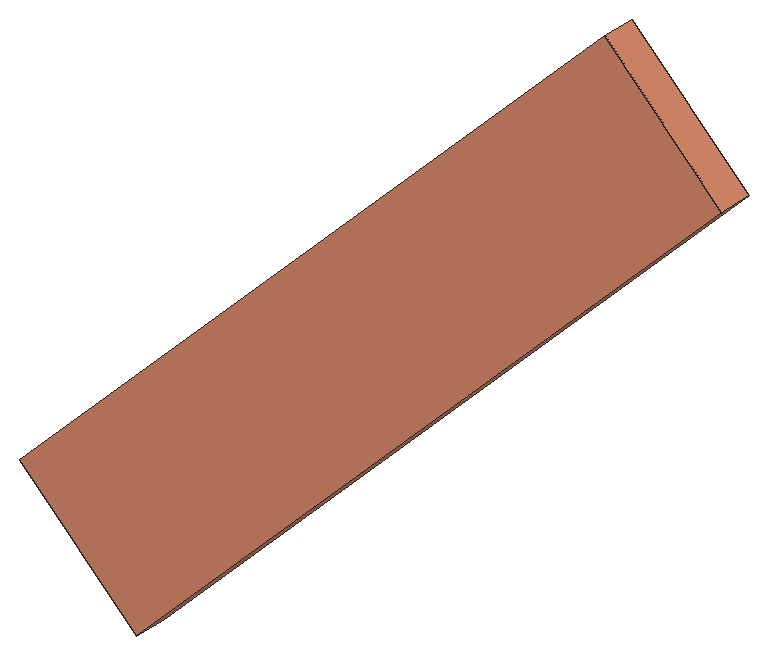
Revit family "盤サポート_角形鋼管(長方形) 1", category Generic Models, Revit 2020
Family settings
  Can host rebar = No
  Round Connector Dimension = Use Diameter
  Part Type = Normal
  Work Plane-Based = Yes
  Always vertical = No
  Cut with Voids When Loaded = No
  Shared = No
  Room Calculation Point = No
Parameters (values of type "100 x 20")
  高さ = 100 mm
  長辺 [instance] = 長さ  # 500 mm
  長さ [instance] = 500 mm
  部屋名 = ""
  角度 [instance] = 45.00°
  Default Elevation = 1219.2 mm
  構造マテリアル = E403_盤サポート
  幅 = 20 mm
Types (20, lengths in mm): name | 高さ | 幅
  50 x 20 | 50 | 20
  50 x 30 | 50 | 30
  60 x 30 | 60 | 30
  75 x 20 | 75 | 20
  75 x 45 | 75 | 45
  80 x 40 | 80 | 40
  90 x 40 | 90 | 40
  100 x 20 | 100 | 20
  100 x 40 | 100 | 40
  100 x 50 | 100 | 50
  125 x 40 | 125 | 40
  125 x 75 | 125 | 75
  150 x 100 | 150 | 100
  150 x 75 | 150 | 75
  150 x 80 | 150 | 80
  200 x 100 | 200 | 100
  200 x 150 | 200 | 150
  300 x 200 | 300 | 200
  350 x 150 | 350 | 150
  400 x 200 | 400 | 200
Reference planes
  plane 1 "中心(正面/背面)": y = 0
  plane 2: z = 0
  plane 3 "中心(左/右)": x = 0
Lines and regions (mm)
  reference lines
    curve 1: line (0, 0, 0) -> (848.528, 0, 848.528)
    curve 2: line (35.355, 0, -35.355) -> (-35.355, 0, 35.355)
    curve 3: line (388.909, 0, 318.198) -> (318.198, 0, 388.909)
Dimensions and locks
  equal spacing: curve 2, curve 1, curve 2
  "高さ": curve 2 to curve 2
  equal spacing: curve 3, curve 1, curve 3
  "高さ": curve 3 to curve 3
  "長さ": curve 2 to curve 3
  "角度": angle level to curve 1
  angle curve 2 to curve 1 = 90.00°
  angle curve 3 to curve 1 = 90.00°
  aligned and locked: level to plane 2
  aligned and locked: level to curve 1
  aligned and locked: plane 3 "中心(左/右)" to curve 1
  aligned and locked: nested 1 to curve 1
Nested families
  nested 1: "グレーチング_角形鋼管(長方形)" at (-35.355, 0, 35.355) x (0, 1, 0) z (0.7071, 0, -0.7071), 長さ <- "長さ", type "50 x 20"
    with 長辺 500 mm, 長さ 500 mm, 高さ 100 mm
Definition of nested family "グレーチング_角形鋼管(長方形)"
  Parameters (values of type "50 x 20")
    高さ = 50 mm
    長辺 [instance] = 長さ  # 1000 mm
    長さ [instance] = 1000 mm
    部屋名 = ""
    Default Elevation = 1219.2 mm
    構造マテリアル = none
    幅 = 20 mm
  Reference planes
    plane 1 "中心(正面/背面)": y = 0
    plane 2: z = 0
    plane 3 "中心(左/右)": x = 0
    plane 4: z = 25
    plane 5: z = 50
  Forms (mm)
    Extrusion 1, solid, material <- "構造マテリアル"
      sketch origin (0, 0, 0) x (1, 0, 0) y (0, 1, 0)
        loop
          line (-10, 1000) -> (-10, 0) -> (10, 0) -> (10, 1000) -> (-10, 1000)
      from 0 to 50
  Lines and regions (mm)
    reference lines
      curve 1: line (10, 1000, 0) -> (-10, 1000, 0)
      curve 2: line (10, 0, 0) -> (-10, 0, 0)
  Dimensions and locks
    "長さ": curve 1 to curve 2
    "幅": Extrusion 1 to Extrusion 1
    equal spacing: Extrusion 1, plane 3 "中心(左/右)", Extrusion 1
    "幅": curve 1 to curve 1
    equal spacing: curve 1, plane 3 "中心(左/右)", curve 1
    "幅": curve 2 to curve 2
    equal spacing: curve 2, plane 3 "中心(左/右)", curve 2
    equal spacing: plane 5, plane 4, level
    "高さ": plane 5 to level
    aligned and locked: level to plane 2
    aligned and locked: Extrusion 1 to curve 2
    aligned and locked: curve 1 to Extrusion 1
    aligned and locked: plane 5 to Extrusion 1
  Automatic sketch dimensions
    Extrusion 1 sketch curve to plane 3 "中心(左/右)" = 10 mm
    plane 3 "中心(左/右)" to Extrusion 1 sketch curve = 10 mm
    plane 1 "中心(正面/背面)" to Extrusion 1 sketch curve = 0 mm
    Extrusion 1 sketch curve to plane 1 "中心(正面/背面)" = 1000 mm
    plane 1 "中心(正面/背面)" to curve 2 = 0 mm
